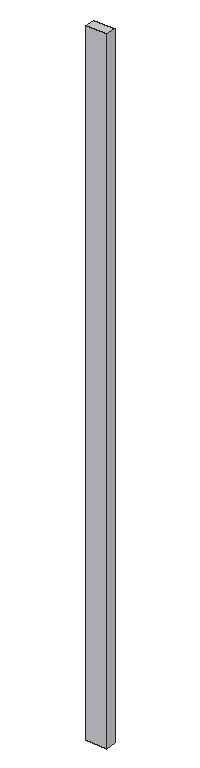
Revit family
Parameters (values of type "trave")
  profondità [instance] = 100 mm
  altezza [instance] = 3000 mm
  spessore [instance] = 50 mm
  Default Elevation = 1219.2 mm
  Assembly Code = ""
Reference planes
  plane 1 "Center (Front/Back)": y = 0
  plane 2: z = 315.234
  plane 3 "Center (Left/Right)": x = 0
  plane 4: x = -50
  plane 5: x = 50
  plane 6: y = 25
  plane 7: y = -25
  plane 8: z = 3315.234
Forms (mm)
  Extrusion 1, solid
    sketch origin (0, 0, 0) x (1, 0, 0) y (0, 1, 0)
      loop
        line (-50, 25) -> (-50, -25) -> (50, -25) -> (50, 25) -> (-50, 25)
    from 315.234 to 3315.234
Dimensions and locks
  equal spacing: plane 6, plane 1 "Center (Front/Back)", plane 7
  equal spacing: plane 4, plane 3 "Center (Left/Right)", plane 5
  "spessore": plane 6 to plane 7
  "profondità": plane 4 to plane 5
  "altezza": plane 8 to plane 2
  aligned and locked: plane 8 to Extrusion 1
  aligned and locked: Extrusion 1 to plane 2
  aligned and locked: plane 6 to Extrusion 1
  aligned and locked: plane 5 to Extrusion 1
  aligned and locked: Extrusion 1 to plane 4
  aligned and locked: Extrusion 1 to plane 7
Automatic sketch dimensions
  Extrusion 1 sketch curve to plane 7 = 0 mm
  Extrusion 1 sketch curve to plane 4 = 0 mm
  plane 4 to Extrusion 1 sketch curve = 100 mm
  plane 7 to Extrusion 1 sketch curve = 50 mm
